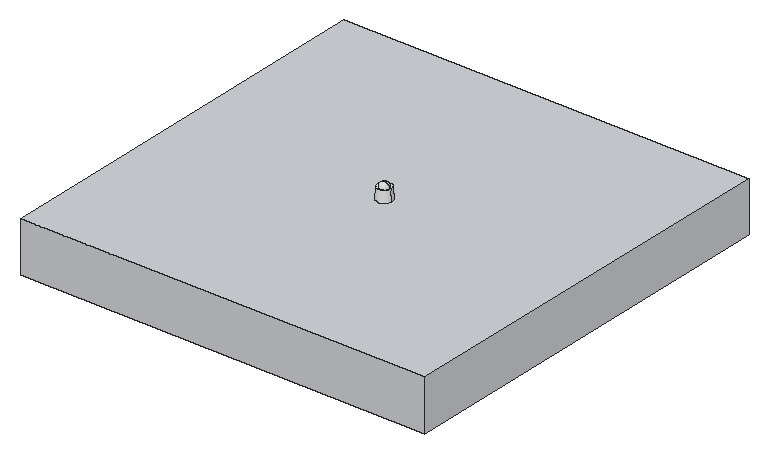
Revit family "Legrand_Gestion_eclairage_Detect_mvt_autonome_360D_Etanche_Blanc_Mur", category Dispositifs d'éclairage, Revit 2020
Family settings
  Hôte = Face
  Conserver l'orientation des annotations = Oui
  Cote de connecteur circulaire = Utiliser le diamètre
  Type d'élément = Normal
  Couper avec des vides une fois chargée = Non
  Partagée = Non
  Point de calcul de pièce = Non
Parameters
  Zone de detection [instance] = no
  URL = "http://www.legrandoc.com/069780"
  Télécommandable = "non"
  Type de tension = "AC"
  Tension nominale (V) = "230"
  Température (MIN) (°C) = 0
  Température (MAX) (°C) = 55
  Sensibilité réglable = "non"
  Sensibilité lumineuse réglable = "oui"
  Sensibilité lumineuse (MIN) (lx) = 10
  Sensibilité lumineuse (MAX) (lx) = 4000
  Réglage de lumière constante = "oui"
  Product ID = "069780"
  Numéro RAL = "9016"
  Mode de montage = "apparent"
  Indication distance [instance] = 12 mm
  Image du type = PH3.jpg
  Hauteur maxi de montage (m) = "4"
  Gestion alarme = "non"
  Gestion CVC = "non"
  Fréquence (MIN) (Hz) = 50
  Fréquence (MAX) (Hz) = 60
  Fonction variateur intégrée = "non"
  Fabricant = "LEGRAND"
  Exécution = "détecteur de mouvement"
  Etiquette [instance] = no
  Entrée secondaire = "non"
  Elévation par défaut = 2500 mm
  ETIM-5.0 Class = "EC000133"
  Durée d'enclenchement min (s) = "12"
  Durée d'enclenchement max (mn) = "16"
  Description = "DETECTEUR DE MOUVEMENT ETANCHE 360DEGRES OCRE BLANC"
  Courant de démarrage max (A) = "8.5"
  Coupure forcée = "non"
  Couleur = "Blanc"
  Condition Générale d'Utilisation = "https://export.legrand.com/CGU-objets-BIM"
  Code d'assemblage = "D5010200"
  Classe de protection (IP) = "IP55"
  Capacité de coupure max (W) = 1000
  Angle de détection horizontal (MIN) (°) = 0
  Angle de détection horizontal (MAX) (°) = 360
  Adapté pour transmission sans fil = "non"
Reference planes
  plane 1 "Centre (avant/arrière)": y = 0
  plane 2: z = 0
  plane 3 "Centre (gauche/droite)": x = 0
Forms (mm)
  Extrusion 1, solid
    sketch origin (0, 0, 0) x (1, 0, 0) y (0, 1, 0)
      loop
        line (-1219.2, 1219.2) -> (-1219.2, -1219.2) -> (1219.2, -1219.2) -> (1219.2, 1219.2) -> (-1219.2, 1219.2)
    from 0 to -304.8
Dimensions and locks
  aligned and locked: plane 2 to Extrusion 1
  aligned and locked: level to Extrusion 1
  aligned and locked: nested 1 to plane 2
  aligned and locked: plane 3 "Centre (gauche/droite)" to nested 1
  aligned and locked: plane 1 "Centre (avant/arrière)" to nested 1
Nested families
  nested 1: "048898" at (0, 0, 0), type "048898"
  nested 2: "Zone de detection 12mx8m- plan" at (0, 0, 0) x (0, 0, 1) z (0, -1, 0), visible <- "Zone de detection", type "Zone de detection 12mx8m- plan"
  nested 3: "Symbole D" at (0, 0, 0), type "Symbole D"
  nested 4: "Détection 90°" at (0, 200.401, 0), visible <- "Etiquette", Indication distance <- "Indication distance", type "Détection 90°"
    with Indication distance 12 mm
Connectors
  electrical at (0, 0, 0)
    settings: on nested 1, index 1, voltage 230 V, apparent load 0 VA, apparent load phase1 0 VA, apparent load phase2 0 VA, apparent load phase3 0 VA, power factor 1, load classification "Autre", number of poles 1, system type 31, power factor state 1, is connector primary yes, connector utility no, sub classification motor no, connector description ""
Definition of nested family "048898"
  Parameters (values of type "048898")
    Default Elevation = 0 mm
  Reference planes
    plane 1 "Centre (avant/arrière)": y = 0
    plane 2: z = 0
    plane 3 "Centre (gauche/droite)": x = 0
  Forms (mm)
    Revolve 1, solid
      sketch origin (0, 0, 0) x (-1, 0, 0) y (0, 0, -1)
        loop
          line (0, 0) -> (0, -65.2) -> (41, -65.2)
          arc (41, -65.2) -> (43.378, -32.633) -> (44.526, 0) r 865.317
          line (44.526, 0) -> (0, 0)
        axis (0, 0) -> (0, -65.2)
      angle from 0 to 360
    Revolve 2, solid
      sketch origin (0, 0, 0) x (-1, 0, 0) y (0, 0, -1)
        loop
          arc (0, -91.691) -> (18.988, -83.722) -> (27.988, -65.2) r 29.184
          line (27.988, -65.2) -> (0, -65.2) -> (0, -91.691)
        axis (0, -65.2) -> (0, -91.691)
      angle from 0 to 360
  Dimensions and locks
    aligned and locked: level to plane 2
Definition of nested family "Zone de detection 12mx8m- plan"
  Reference planes
    plane 1 "Centre (avant/arrière)": y = 0
    plane 2: z = 0
    plane 3 "Centre (gauche/droite)": x = 0
  Lines and regions (mm)
    detail lines, in view "Niveau de réf."
      curve 1: line (0, 0, 0) -> (3692.308, 3692.308, 0)
      curve 2: arc (3692.308, 3692.308, 0) -> (5262.653, 3968.914, 0) -> (6857.143, 3958.973, 0) r 8841.544
      curve 3: arc (6857.143, 3958.973, 0) -> (8193.689, 3717.836, 0) -> (9472.961, 3261.802, 0) r 8293.685
      curve 4: arc (9472.961, 3261.802, 0) -> (10318.46, 2780.139, 0) -> (11059.772, 2149.802, 0) r 5215.555
      curve 5: arc (11059.772, 2149.802, 0) -> (11506.891, 1586.263, 0) -> (11830.58, 943.831, 0) r 3532.62
      curve 6: arc (11830.58, 943.831, 0) -> (11960.228, 479.87, 0) -> (12002.568, 0, 0) r 2614.992
      curve 7: arc (4424.882, 0, 0) -> (4411.234, 320.417, 0) -> (4380.15, 639.614, 0) r 5884.415
      curve 8: arc (4380.15, 639.614, 0) -> (4340.781, 895.474, 0) -> (4286.98, 1148.693, 0) r 4567.682
      curve 9: arc (4286.98, 1148.693, 0) -> (4162.3, 1556.249, 0) -> (3990.363, 1946.23, 0) r 3602.685
      curve 10: arc (3990.363, 1946.23, 0) -> (3913.565, 2080.99, 0) -> (3825.336, 2208.559, 0) r 1781.449
      curve 11: line (2527.2, 2527.2, 0) -> (3825.336, 2208.559, 0)
      curve 12: line (0, 0, 0) -> (3692.308, -3692.308, 0)
      curve 13: arc (3692.308, -3692.308, 0) -> (5262.653, -3968.914, 0) -> (6857.143, -3958.973, 0) r 8841.544
      curve 14: arc (6857.143, -3958.973, 0) -> (8193.689, -3717.836, 0) -> (9472.961, -3261.802, 0) r 8293.685
      curve 15: arc (9472.961, -3261.802, 0) -> (10318.46, -2780.139, 0) -> (11059.772, -2149.802, 0) r 5215.555
      curve 16: arc (11059.772, -2149.802, 0) -> (11506.891, -1586.263, 0) -> (11830.58, -943.831, 0) r 3532.62
      curve 17: arc (11830.58, -943.831, 0) -> (11960.228, -479.87, 0) -> (12002.568, 0, 0) r 2614.992
      curve 18: arc (4424.882, 0, 0) -> (4411.234, -320.417, 0) -> (4380.15, -639.614, 0) r 5884.415
      curve 19: arc (4380.15, -639.614, 0) -> (4340.781, -895.474, 0) -> (4286.98, -1148.693, 0) r 4567.682
      curve 20: arc (4286.98, -1148.693, 0) -> (4162.3, -1556.249, 0) -> (3990.363, -1946.23, 0) r 3602.685
      curve 21: arc (3990.363, -1946.23, 0) -> (3913.565, -2080.99, 0) -> (3825.336, -2208.559, 0) r 1781.449
      curve 22: line (2527.2, -2527.2, 0) -> (3825.336, -2208.559, 0)
Definition of nested family "Symbole D"
  Reference planes
    plane 1: y = 0
    plane 2: x = 0
  Lines and regions (mm)
    detail lines
      curve 1: spline (0.481, 2.356, 0) -> (0.429, 2.16, 0) -> (0.363, 1.989, 0) -> (0.285, 1.851, 0) -> (0.199, 1.748, 0) -> (0.106, 1.685, 0) -> (0.01, 1.664, 0) -> (-0.085, 1.685, 0) -> (-0.178, 1.748, 0) -> (-0.264, 1.851, 0) -> (-0.342, 1.989, 0) -> (-0.408, 2.16, 0) -> (-0.46, 2.356, 0)
      curve 2: arc (0.821, 3.072, 0) -> (-0.004, 3.293, 0) -> (-0.828, 3.072, 0) r 1.643
      curve 3: arc (-0.64, 2.774, 0) -> (0.004, 2.96, 0) -> (0.648, 2.774, 0) r 1.213
      curve 4: arc (-1.023, 3.436, 0) -> (0.005, 3.717, 0) -> (1.032, 3.436, 0) r 2.018
      curve 5: line (-1.042, 0.262, 0) -> (1.042, 0.262, 0)
      curve 6: arc (-0.945, 0.262, 0) -> (0, 1.008, 0) -> (0.945, 0.262, 0) r 0.972
      curve 7: line (-1.042, 0.262, 0) -> (-1.042, 0, 0)
      curve 8: line (-1.042, 0, 0) -> (1.042, 0, 0)
      curve 9: line (1.042, 0, 0) -> (1.042, 0.262, 0)
  Text (mm)
    text "IR" at (0.939, 0.64, 0)
  Dimensions and locks
    aligned and locked: plane 2 to curve 6
    aligned and locked: plane 1 to curve 8
Definition of nested family "Détection 90°"
  Parameters (values of type "Détection 90°")
    Indication distance [instance] = 0 mm
  Reference planes
    plane 1: y = 0
    plane 2: x = 0
  Text (mm)
    label "Détection 90°,Indication distancem frontal à 2,5m haut" at (-0.885, 0.234, 0), shows "Indication distance"
